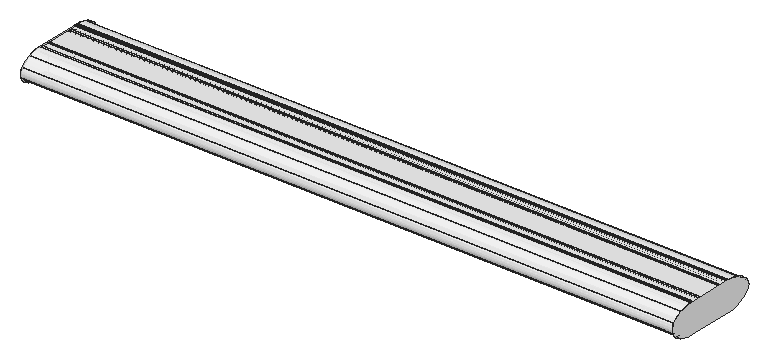
Revit family "ALRA", category Lighting Fixtures, host Ceiling, Revit 2019
Family settings
  Host = Ceiling
  Round Connector Dimension = Use Diameter
  Part Type = Normal
  OmniClass Number = 23.80.70.11.14.11
  OmniClass Title = Downlights
  Always vertical = Yes
  Cut with Voids When Loaded = No
  Light Source = Yes
  Shared = No
  Room Calculation Point = No
Parameters (values of type "ALRA96-LED840K120LUNV")
  Width = 0' - 6 1/2"
  Wattage = 94 W
  built-in parameter 1150110 = 1 (stored number, unit not read)
  Voltage = 120 V
  URL = "https://www.viscor.com/en/products/alra"
  built-in parameter 1114217 = 0.9 (stored number, unit not read)
  Tilt Angle = 180.00°
  built-in parameter 1150109 = 1 (stored number, unit not read)
  built-in parameter 1150134 = 12
  built-in parameter 1150113 = 1 (stored number, unit not read)
  Photometric Web File = "ALRA96-LED840K120LUNV.ies"
  Model = "ALRA"  # constant formula
  Manufacturer = "VISIONEERING by VISCOR"  # constant formula
  Lumens = 11750 lm
  built-in parameter 1150115 = 1 (stored number, unit not read)
  built-in parameter 1150105 = 935.04 (stored number, unit not read)
  built-in parameter 1150137 = (empty or 0)
  built-in parameter 1150139 = (empty or 0)
  Lens Finsih = Acrylic - Viscor - Frosted Round
  Length = 3' - 9"
  Lamp Wattage = 94 VA
  built-in parameter 1150112 = 1 (stored number, unit not read)
  built-in parameter 1150114 = 1 (stored number, unit not read)
  Lamp = "LED"  # constant formula
  built-in parameter 1150132 = (empty or 0)
  built-in parameter 1150102 = (empty or 0)
  built-in parameter 1150138 = (empty or 0)
  built-in parameter 1150107 = 4000 (stored number, unit not read)
  built-in parameter 1150106 = 9.3504 (stored number, unit not read)
  Housing Finish = Metal - Viscor - White
  Emit from Line Length = Length  # 3' - 9"
  built-in parameter 1150104 = 11.613 (stored number, unit not read)
  Dimming Lamp Color Temperature Shift = <None>
  Description = "LED ALLURA Linear Pendant Type A"  # constant formula
  Color Filter = 16777215
  built-in parameter 1114218 = 1 (stored number, unit not read)
  built-in parameter 1150133 = 10 (stored number, unit not read)
  Assembly Code = "D5020200"
  Apparent Load = Lamp Wattage  # 94 VA
Types (9): name | Wattage | Photometric Web File | Lumens | built-in parameter 1150105 | Length | Lamp Wattage | built-in parameter 1150106 | Emit from Line Length | built-in parameter 1150104 | Apparent Load
  (no name) | 94 W | "ALRA96-LED840K120LUNV.ies" | 11750 lm | 935.04 (stored number, unit not read) | 3' - 9" | 94 VA | 9.3504 (stored number, unit not read) | 3' - 9" | 11.613 (stored number, unit not read) | 94 VA
  ALRA48-LED840K050LUNV | 38 W | "ALRA48-LED840K050LUNV.ies" | 4750 lm | 377.99 (stored number, unit not read) | 3' - 9" | 38 VA | 3.7799 (stored number, unit not read) | 3' - 9" | 11.613 (stored number, unit not read) | 38 VA
  ALRA96-LED840K080LUNV | 64 W | "ALRA96-LED840K80LUNV.ies" | 7680 lm | 611.15 (stored number, unit not read) | 7' - 5" | 64 VA | 6.1115 (stored number, unit not read) | 7' - 5" | 11.148 (stored number, unit not read) | 64 VA
  ALRA48-LED840K035LUNV | 26 W | "ALRA48-LED840K035LUNV.ies" | 3328 lm | 264.83 (stored number, unit not read) | 3' - 9" | 26 VA | 2.6483 (stored number, unit not read) | 3' - 9" | 11.892 (stored number, unit not read) | 26 VA
  ALRA48-LED840K040LUNV | 30 W | "ALRA48-LED840K040LUNV.ies" | 3810 lm | 303.19 (stored number, unit not read) | 3' - 9" | 30 VA | 3.0319 (stored number, unit not read) | 3' - 9" | 11.799 (stored number, unit not read) | 30 VA
  ALRA96-LED840K070LUNV | 50 W | "ALRA96-LED840K070LUNV.ies" | 6650 lm | 529.19 (stored number, unit not read) | 3' - 9" | 50 VA | 5.2919 (stored number, unit not read) | 3' - 9" | 12.356 (stored number, unit not read) | 50 VA
  ALRA96-LED840K100LUNV | 76 W | "ALRA96-LED840K100LUNV.ies" | 9576 lm | 762.03 (stored number, unit not read) | 3' - 9" | 76 VA | 7.6203 (stored number, unit not read) | 3' - 9" | 11.706 (stored number, unit not read) | 76 VA
  ALRA96-LED840K120LUNV | 94 W | "ALRA96-LED840K120LUNV.ies" | 11750 lm | 935.04 (stored number, unit not read) | 3' - 9" | 94 VA | 9.3504 (stored number, unit not read) | 3' - 9" | 11.613 (stored number, unit not read) | 94 VA
  ALRA48-LED840K060LUNV | 47 W | "ALRA48-LED840K060LUNV.ies" | 5875 lm | 467.52 (stored number, unit not read) | 3' - 9" | 47 VA | 4.6752 (stored number, unit not read) | 3' - 9" | 11.613 (stored number, unit not read) | 47 VA
Reference planes (in)
  plane 1 "Light Source Axis (F/B)": y = 0
  plane 2 "Ceiling": z = 96
  plane 3 "Light Source Axis (L/R)": x = 0
  plane 4 "Light Source Elevation": z = 67.75
  plane 5: x = -22.5
  plane 6: x = 22.5
  plane 7: y = 3.25
  plane 8: y = -3.25
  plane 9: x = -22.46875
  plane 10: x = 22.46875
  plane 11 "LensBottom": z = 94
Forms (in)
  Extrusion 1, solid, material "Metal - Viscor - White" <- "Housing Finish"
    sketch origin (0, 0, 0) x (0, 1, 0) y (0, 0, 1)
      loop
        arc (2.25, 69.78425) -> (1.88666, 69.85223) -> (1.51772, 69.875) r 3
        line (1.51772, 69.875) -> (-1.51772, 69.875)
        arc (-1.51772, 69.875) -> (-1.88666, 69.85223) -> (-2.25, 69.78425) r 3
        arc (-2.25, 69.78425) -> (-2.67606, 69.617) -> (-3.04617, 69.34769) r 1.8
        arc (-3.04617, 69.34769) -> (-3.25, 68.875) -> (-3.04617, 68.40231) r 0.65
        arc (-3.04617, 68.40231) -> (-2.67606, 68.133) -> (-2.25, 67.96575) r 1.8
        arc (-2.25, 67.96575) -> (-1.88666, 67.89777) -> (-1.51772, 67.875) r 3
        line (-1.51772, 67.875) -> (1.51772, 67.875)
        arc (1.51772, 67.875) -> (1.88666, 67.89777) -> (2.25, 67.96575) r 3
        arc (2.25, 67.96575) -> (2.67606, 68.133) -> (3.04617, 68.40231) r 1.8
        arc (3.04617, 68.40231) -> (3.25, 68.875) -> (3.04617, 69.34769) r 0.65
        arc (3.04617, 69.34769) -> (2.67606, 69.617) -> (2.25, 69.78425) r 1.8
    from -22.5 to -22.46875
  Extrusion 2, solid, material "Metal - Viscor - White" <- "Housing Finish"
    sketch origin (0, 0, 0) x (0, 1, 0) y (0, 0, -1)
      loop
        arc (2.25, -69.78425) -> (2.67606, -69.617) -> (3.04617, -69.34769) r 1.8
        arc (3.04617, -69.34769) -> (3.25, -68.875) -> (3.04617, -68.40231) r 0.65
        arc (3.04617, -68.40231) -> (2.67606, -68.133) -> (2.25, -67.96575) r 1.8
        arc (2.25, -67.96575) -> (1.88666, -67.89777) -> (1.51772, -67.875) r 3
        line (1.51772, -67.875) -> (-1.51772, -67.875)
        arc (-1.51772, -67.875) -> (-1.88666, -67.89777) -> (-2.25, -67.96575) r 3
        arc (-2.25, -67.96575) -> (-2.67606, -68.133) -> (-3.04617, -68.40231) r 1.8
        arc (-3.04617, -68.40231) -> (-3.25, -68.875) -> (-3.04617, -69.34769) r 0.65
        arc (-3.04617, -69.34769) -> (-2.67606, -69.617) -> (-2.25, -69.78425) r 1.8
        arc (-2.25, -69.78425) -> (-1.88666, -69.85223) -> (-1.51772, -69.875) r 3
        line (-1.51772, -69.875) -> (1.51772, -69.875)
        arc (1.51772, -69.875) -> (1.88666, -69.85223) -> (2.25, -69.78425) r 3
    from -22.5 to -22.46875
  Extrusion 3, solid, material "Metal - Viscor - White" <- "Housing Finish"
    sketch origin (0, 0, 0) x (0, 1, 0) y (0, 0, 1)
      loop
        line (1.5, 69.529) -> (1.5, 69.772)
        arc (1.5, 69.772) -> (1.47979, 69.82079) -> (1.431, 69.841) r 0.069
        line (1.431, 69.841) -> (0.944, 69.841)
        arc (0.944, 69.841) -> (0.89521, 69.82079) -> (0.875, 69.772) r 0.069
        line (0.875, 69.772) -> (0.875, 67.98)
        arc (0.875, 67.98) -> (0.86358, 67.95242) -> (0.836, 67.941) r 0.039
        line (0.836, 67.941) -> (-0.836, 67.941)
        arc (-0.836, 67.941) -> (-0.86358, 67.95242) -> (-0.875, 67.98) r 0.039
        line (-0.875, 67.98) -> (-0.875, 69.772)
        arc (-0.875, 69.772) -> (-0.89521, 69.82079) -> (-0.944, 69.841) r 0.069
        line (-0.944, 69.841) -> (-1.431, 69.841)
        arc (-1.431, 69.841) -> (-1.47979, 69.82079) -> (-1.5, 69.772) r 0.069
        line (-1.5, 69.772) -> (-1.5, 69.529) -> (-1.46875, 69.529) -> (-1.46875, 69.772)
        arc (-1.46875, 69.772) -> (-1.45769, 69.79869) -> (-1.431, 69.80975) r 0.03775
        line (-1.431, 69.80975) -> (-0.944, 69.80975)
        arc (-0.944, 69.80975) -> (-0.91731, 69.79869) -> (-0.90625, 69.772) r 0.03775
        line (-0.90625, 69.772) -> (-0.90625, 67.98)
        arc (-0.90625, 67.98) -> (-0.88567, 67.93033) -> (-0.836, 67.90975) r 0.07025
        line (-0.836, 67.90975) -> (0.836, 67.90975)
        arc (0.836, 67.90975) -> (0.88567, 67.93033) -> (0.90625, 67.98) r 0.07025
        line (0.90625, 67.98) -> (0.90625, 69.772)
        arc (0.90625, 69.772) -> (0.91731, 69.79869) -> (0.944, 69.80975) r 0.03775
        line (0.944, 69.80975) -> (1.431, 69.80975)
        arc (1.431, 69.80975) -> (1.45769, 69.79869) -> (1.46875, 69.772) r 0.03775
        line (1.46875, 69.772) -> (1.46875, 69.529) -> (1.5, 69.529)
    from -22.46875 to 22.46875
  Extrusion 4, solid, material "Metal - Viscor - White" <- "Housing Finish"
    sketch origin (0, 0, 0) x (0, 1, 0) y (0, 0, 1)
      loop
        line (0.83875, 69.84931) -> (-0.83875, 69.84931)
        arc (-0.83875, 69.84931) -> (-0.86085, 69.84016) -> (-0.87, 69.81806) r 0.03125
        line (-0.87, 69.81806) -> (-0.87, 69.39389) -> (-0.834, 69.39389) -> (-0.834, 69.78506)
        arc (-0.834, 69.78506) -> (-0.82485, 69.80716) -> (-0.80275, 69.81631) r 0.03125
        line (-0.80275, 69.81631) -> (0.80275, 69.81631)
        arc (0.80275, 69.81631) -> (0.82485, 69.80716) -> (0.834, 69.78506) r 0.03125
        line (0.834, 69.78506) -> (0.834, 69.39389) -> (0.87, 69.39389) -> (0.87, 69.81806)
        arc (0.87, 69.81806) -> (0.86085, 69.84016) -> (0.83875, 69.84931) r 0.03125
    from -22.46875 to 22.46875
  Extrusion 5, solid, material "Acrylic - Viscor - Frosted Round" <- "Lens Finsih"
    sketch origin (0, 0, 0) x (0, 1, 0) y (0, 0, 1)
      loop
        line (1.5, 69.824) -> (1.5, 69.564) -> (1.44, 69.564) -> (1.41338, 69.60202)
        arc (1.41338, 69.60202) -> (1.38657, 69.62553) -> (1.35194, 69.634) r 0.075
        line (1.35194, 69.634) -> (1.27269, 69.634)
        arc (1.27269, 69.634) -> (1.25678, 69.64358) -> (1.2578, 69.66212) r 0.018
        arc (1.2578, 69.66212) -> (1.24473, 69.70661) -> (1.20364, 69.68514) r 0.03
        line (1.20364, 69.68514) -> (1.18542, 69.5981)
        arc (1.18542, 69.5981) -> (1.18948, 69.58139) -> (1.205, 69.574) r 0.02
        line (1.205, 69.574) -> (1.35975, 69.574) -> (1.40877, 69.504) -> (1.545, 69.504)
        arc (1.545, 69.504) -> (1.56621, 69.51279) -> (1.575, 69.534) r 0.03
        line (1.575, 69.534) -> (1.575, 69.78835)
        arc (1.575, 69.78835) -> (2.01533, 69.74901) -> (2.43508, 69.61025) r 1.925
        arc (2.43508, 69.61025) -> (2.75426, 69.41291) -> (3.01769, 69.14566) r 1.575
        arc (3.01769, 69.14566) -> (3.115, 68.861) -> (3.01769, 68.57634) r 0.465
        arc (3.01769, 68.57634) -> (2.75426, 68.30909) -> (2.43508, 68.11175) r 1.575
        arc (2.43508, 68.11175) -> (2.01533, 67.97299) -> (1.575, 67.93365) r 1.925
        line (1.575, 67.93365) -> (1.575, 68.188)
        arc (1.575, 68.188) -> (1.56621, 68.20921) -> (1.545, 68.218) r 0.03
        line (1.545, 68.218) -> (1.40877, 68.218) -> (1.35975, 68.148) -> (1.205, 68.148)
        arc (1.205, 68.148) -> (1.18948, 68.14061) -> (1.18542, 68.1239) r 0.02
        line (1.18542, 68.1239) -> (1.20364, 68.03686)
        arc (1.20364, 68.03686) -> (1.24473, 68.01539) -> (1.2578, 68.05987) r 0.03
        arc (1.2578, 68.05987) -> (1.25678, 68.07842) -> (1.27269, 68.088) r 0.018
        line (1.27269, 68.088) -> (1.35194, 68.088)
        arc (1.35194, 68.088) -> (1.38657, 68.09647) -> (1.41338, 68.11998) r 0.075
        line (1.41338, 68.11998) -> (1.44, 68.158) -> (1.5, 68.158) -> (1.5, 67.898)
        arc (1.5, 67.898) -> (1.51172, 67.86972) -> (1.54, 67.858) r 0.04
        line (1.54, 67.858) -> (1.625, 67.858)
        arc (1.625, 67.858) -> (2.05594, 67.90498) -> (2.46664, 68.04371) r 2
        arc (2.46664, 68.04371) -> (2.80102, 68.25045) -> (3.077, 68.53043) r 1.65
        arc (3.077, 68.53043) -> (3.19, 68.861) -> (3.077, 69.19157) r 0.54
        arc (3.077, 69.19157) -> (2.80102, 69.47154) -> (2.46664, 69.67829) r 1.65
        arc (2.46664, 69.67829) -> (2.05594, 69.81702) -> (1.625, 69.864) r 2
        line (1.625, 69.864) -> (1.54, 69.864)
        arc (1.54, 69.864) -> (1.51172, 69.85228) -> (1.5, 69.824) r 0.04
    from -22.46875 to 22.46875
  Extrusion 6, solid, material "Acrylic - Viscor - Frosted Round" <- "Lens Finsih"
    sketch origin (0, 0, 0) x (0, -1, 0) y (0, 0, -1)
      loop
        arc (1.5, -69.824) -> (1.51172, -69.85228) -> (1.54, -69.864) r 0.04
        line (1.54, -69.864) -> (1.625, -69.864)
        arc (1.625, -69.864) -> (2.05594, -69.81702) -> (2.46664, -69.67829) r 2
        arc (2.46664, -69.67829) -> (2.80102, -69.47154) -> (3.077, -69.19157) r 1.65
        arc (3.077, -69.19157) -> (3.19, -68.861) -> (3.077, -68.53043) r 0.54
        arc (3.077, -68.53043) -> (2.80102, -68.25045) -> (2.46664, -68.04371) r 1.65
        arc (2.46664, -68.04371) -> (2.05594, -67.90498) -> (1.625, -67.858) r 2
        line (1.625, -67.858) -> (1.54, -67.858)
        arc (1.54, -67.858) -> (1.51172, -67.86972) -> (1.5, -67.898) r 0.04
        line (1.5, -67.898) -> (1.5, -68.158) -> (1.44, -68.158) -> (1.41338, -68.11998)
        arc (1.41338, -68.11998) -> (1.38657, -68.09647) -> (1.35194, -68.088) r 0.075
        line (1.35194, -68.088) -> (1.27269, -68.088)
        arc (1.27269, -68.088) -> (1.25678, -68.07842) -> (1.2578, -68.05987) r 0.018
        arc (1.2578, -68.05987) -> (1.24473, -68.01539) -> (1.20364, -68.03686) r 0.03
        line (1.20364, -68.03686) -> (1.18542, -68.1239)
        arc (1.18542, -68.1239) -> (1.18948, -68.14061) -> (1.205, -68.148) r 0.02
        line (1.205, -68.148) -> (1.35975, -68.148) -> (1.40877, -68.218) -> (1.545, -68.218)
        arc (1.545, -68.218) -> (1.56621, -68.20921) -> (1.575, -68.188) r 0.03
        line (1.575, -68.188) -> (1.575, -67.93365)
        arc (1.575, -67.93365) -> (2.01533, -67.97299) -> (2.43508, -68.11175) r 1.925
        arc (2.43508, -68.11175) -> (2.75426, -68.30909) -> (3.01769, -68.57634) r 1.575
        arc (3.01769, -68.57634) -> (3.115, -68.861) -> (3.01769, -69.14566) r 0.465
        arc (3.01769, -69.14566) -> (2.75426, -69.41291) -> (2.43508, -69.61025) r 1.575
        arc (2.43508, -69.61025) -> (2.01533, -69.74901) -> (1.575, -69.78835) r 1.925
        line (1.575, -69.78835) -> (1.575, -69.534)
        arc (1.575, -69.534) -> (1.56621, -69.51279) -> (1.545, -69.504) r 0.03
        line (1.545, -69.504) -> (1.40877, -69.504) -> (1.35975, -69.574) -> (1.205, -69.574)
        arc (1.205, -69.574) -> (1.18948, -69.58139) -> (1.18542, -69.5981) r 0.02
        line (1.18542, -69.5981) -> (1.20364, -69.68514)
        arc (1.20364, -69.68514) -> (1.24473, -69.70661) -> (1.2578, -69.66212) r 0.03
        arc (1.2578, -69.66212) -> (1.25678, -69.64358) -> (1.27269, -69.634) r 0.018
        line (1.27269, -69.634) -> (1.35194, -69.634)
        arc (1.35194, -69.634) -> (1.38657, -69.62553) -> (1.41338, -69.60202) r 0.075
        line (1.41338, -69.60202) -> (1.44, -69.564) -> (1.5, -69.564) -> (1.5, -69.824)
    from -22.46875 to 22.46875
Dimensions and locks (in)
  equal spacing: host sketch curve, plane 3 "Light Source Axis (L/R)", host sketch curve
  equal spacing: host sketch curve, plane 1 "Light Source Axis (F/B)", host sketch curve
  host sketch curve to host sketch curve = 10' - 0"  (x2)
  equal spacing: plane 5, plane 3 "Light Source Axis (L/R)", plane 6
  "Length": plane 5 to plane 6
  equal spacing: plane 7, plane 1 "Light Source Axis (F/B)", plane 8
  "Width": plane 7 to plane 8
  plane 5 to plane 3 "Light Source Axis (L/R)" = 1' - 10 1/2"
  plane 7 to plane 1 "Light Source Axis (F/B)" = 0' - 3 1/4"
  plane 6 to plane 3 "Light Source Axis (L/R)" = 1' - 10 1/2"
  locked: plane 9 to plane 5 at 0.03125
  locked: plane 10 to plane 6 at 0.03125
  aligned and locked: plane 3 "Light Source Axis (L/R)" to imposter light
  aligned and locked: plane 1 "Light Source Axis (F/B)" to imposter light
  aligned and locked: plane 4 "Light Source Elevation" to imposter light
  aligned and locked: Extrusion 1 to plane 5
  aligned and locked: plane 9 to Extrusion 1
  aligned and locked: plane 6 to Extrusion 2
  aligned and locked: Extrusion 2 to plane 10
  aligned and locked: Extrusion 3 to plane 9
  aligned and locked: plane 10 to Extrusion 3
  aligned and locked: Extrusion 4 to plane 9
  aligned and locked: plane 10 to Extrusion 4
  aligned and locked: Extrusion 5 to plane 9
  aligned and locked: plane 10 to Extrusion 5
  aligned and locked: Extrusion 6 to plane 9
  aligned and locked: plane 10 to Extrusion 6
Automatic sketch dimensions
  plane 8 to Extrusion 1 sketch curve = 0' - 0.65"
  Extrusion 1 sketch curve to Extrusion 1 sketch curve = 0' - 0.78937"  (x2)
  Extrusion 1 sketch curve to plane 4 "Light Source Elevation" = 0' - 0.2887"  (x2)
  Extrusion 1 sketch curve to Extrusion 1 sketch curve = 0' - 0.29291"  (x3)
  Extrusion 1 sketch curve to Extrusion 1 sketch curve = 0' - 0"  (x7)
  plane 4 "Light Source Elevation" to Extrusion 1 sketch curve = 0' - 0 7/8"  (x2)
  Extrusion 1 sketch curve to plane 1 "Light Source Axis (F/B)" = 0' - 1.51772"
  Extrusion 1 sketch curve to plane 4 "Light Source Elevation" = 0' - 0 1/8"
  Extrusion 1 sketch curve to plane 7 = 0' - 0.65"
  Extrusion 1 sketch curve to plane 4 "Light Source Elevation" = 0' - 1 1/8"  (x2)
  Extrusion 1 sketch curve to Extrusion 1 sketch curve = 0' - 0.8363"  (x2)
  Extrusion 1 sketch curve to Extrusion 1 sketch curve = 0' - 0.1637"
  Extrusion 1 sketch curve to Extrusion 1 sketch curve = 0' - 1"  (x2)
  plane 8 to Extrusion 1 sketch curve = 0' - 0.20383"
  plane 8 to Extrusion 2 sketch curve = 0' - 0.65"
  Extrusion 2 sketch curve to Extrusion 2 sketch curve = 0' - 0.78937"  (x2)
  Extrusion 2 sketch curve to plane 4 "Light Source Elevation" = 0' - 0.2887"  (x2)
  Extrusion 2 sketch curve to Extrusion 2 sketch curve = 0' - 0.29291"  (x3)
  Extrusion 2 sketch curve to Extrusion 2 sketch curve = 0' - 0"  (x7)
  plane 4 "Light Source Elevation" to Extrusion 2 sketch curve = 0' - 0 7/8"  (x2)
  Extrusion 2 sketch curve to plane 1 "Light Source Axis (F/B)" = 0' - 1.51772"
  Extrusion 2 sketch curve to plane 4 "Light Source Elevation" = 0' - 0 1/8"
  Extrusion 2 sketch curve to plane 7 = 0' - 0.65"
  Extrusion 2 sketch curve to plane 4 "Light Source Elevation" = 0' - 1 1/8"  (x2)
  Extrusion 2 sketch curve to Extrusion 2 sketch curve = 0' - 0.8363"  (x2)
  Extrusion 2 sketch curve to Extrusion 2 sketch curve = 0' - 0.1637"
  Extrusion 2 sketch curve to Extrusion 2 sketch curve = 0' - 1"  (x2)
  plane 8 to Extrusion 2 sketch curve = 0' - 0.20383"
  Extrusion 3 sketch curve to Extrusion 3 sketch curve = 0' - 0"  (x12)
  plane 1 "Light Source Axis (F/B)" to Extrusion 3 sketch curve = 0' - 1 1/2"
  Extrusion 3 sketch curve to Extrusion 3 sketch curve = 0' - 0 1/32"
  Extrusion 3 sketch curve to Extrusion 3 sketch curve = 0' - 0.03775"  (x3)
  Extrusion 3 sketch curve to Extrusion 3 sketch curve = 0' - 0.487"  (x2)
  Extrusion 3 sketch curve to plane 4 "Light Source Elevation" = 0' - 0.23"  (x2)
  plane 1 "Light Source Axis (F/B)" to Extrusion 3 sketch curve = 0' - 0 29/32"
  Extrusion 3 sketch curve to Extrusion 3 sketch curve = 0' - 0.039"
  Extrusion 3 sketch curve to plane 1 "Light Source Axis (F/B)" = 0' - 0.836"
  Extrusion 3 sketch curve to Extrusion 3 sketch curve = 0' - 1.549"  (x2)
  Extrusion 3 sketch curve to Extrusion 3 sketch curve = 0' - 0.243"  (x2)
  plane 1 "Light Source Axis (F/B)" to Extrusion 4 sketch curve = 0' - 0.87"
  Extrusion 4 sketch curve to Extrusion 4 sketch curve = 0' - 0 1/32"  (x3)
  Extrusion 4 sketch curve to Extrusion 4 sketch curve = 0' - 0.00475"
  Extrusion 4 sketch curve to Extrusion 4 sketch curve = 0' - 0.036"  (x2)
  Extrusion 4 sketch curve to plane 1 "Light Source Axis (F/B)" = 0' - 0.80275"
  Extrusion 4 sketch curve to plane 4 "Light Source Elevation" = 0' - 1.64389"  (x2)
  Extrusion 4 sketch curve to Extrusion 4 sketch curve = 0' - 0.39117"
  Extrusion 4 sketch curve to Extrusion 4 sketch curve = 0' - 0.033"
  Extrusion 5 sketch curve to Extrusion 5 sketch curve = 0' - 0"  (x17)
  Extrusion 5 sketch curve to plane 4 "Light Source Elevation" = 0' - 0.3739"
  Extrusion 5 sketch curve to plane 1 "Light Source Axis (F/B)" = 0' - 1.18542"  (x2)
  Extrusion 5 sketch curve to plane 4 "Light Source Elevation" = 0' - 0.28686"
  Extrusion 5 sketch curve to Extrusion 5 sketch curve = 0' - 0.01821"  (x2)
  Extrusion 5 sketch curve to Extrusion 5 sketch curve = 0' - 0.01958"  (x2)
  Extrusion 5 sketch curve to Extrusion 5 sketch curve = 0' - 0.02936"  (x2)
  Extrusion 5 sketch curve to Extrusion 5 sketch curve = 0' - 0.03969"  (x2)
  Extrusion 5 sketch curve to Extrusion 5 sketch curve = 0' - 0.07926"  (x2)
  Extrusion 5 sketch curve to Extrusion 5 sketch curve = 0' - 0 1/128"  (x2)
  Extrusion 5 sketch curve to Extrusion 5 sketch curve = 0' - 0.05682"  (x2)
  Extrusion 5 sketch curve to plane 4 "Light Source Elevation" = 0' - 0.36998"
  Extrusion 5 sketch curve to Extrusion 5 sketch curve = 0' - 0.05363"  (x2)
  Extrusion 5 sketch curve to Extrusion 5 sketch curve = 0' - 0.02662"  (x2)
  Extrusion 5 sketch curve to Extrusion 5 sketch curve = 0' - 0.06"  (x3)
  Extrusion 5 sketch curve to Extrusion 5 sketch curve = 0' - 0.04"  (x2)
  Extrusion 5 sketch curve to Extrusion 5 sketch curve = 0' - 0.045"  (x2)
  Extrusion 5 sketch curve to Extrusion 5 sketch curve = 0' - 0.03"  (x2)
  Extrusion 5 sketch curve to Extrusion 5 sketch curve = 0' - 0.035"
  Extrusion 5 sketch curve to Extrusion 5 sketch curve = 0' - 0.085"
  Extrusion 5 sketch curve to Extrusion 5 sketch curve = 0' - 0.19729"  (x2)
  Extrusion 5 sketch curve to plane 7 = 0' - 0.6"
  Extrusion 5 sketch curve to plane 4 "Light Source Elevation" = 0' - 0.18365"
  Extrusion 5 sketch curve to Extrusion 5 sketch curve = 0' - 0.03565"  (x2)
  Extrusion 5 sketch curve to Extrusion 5 sketch curve = 0' - 0.006"  (x2)
  Extrusion 5 sketch curve to Extrusion 5 sketch curve = 0' - 0.00614"  (x2)
  Extrusion 5 sketch curve to Extrusion 5 sketch curve = 0' - 0.027"  (x2)
  Extrusion 5 sketch curve to Extrusion 5 sketch curve = 0' - 0.03198"
  Extrusion 5 sketch curve to Extrusion 5 sketch curve = 0' - 0.0041"
  Extrusion 5 sketch curve to Extrusion 5 sketch curve = 0' - 0.03802"  (x2)
  Extrusion 5 sketch curve to Extrusion 5 sketch curve = 0' - 0.0235"
  Extrusion 5 sketch curve to Extrusion 5 sketch curve = 0' - 0.6795"
  Extrusion 5 sketch curve to Extrusion 5 sketch curve = 0' - 1.286"
  Extrusion 5 sketch curve to Extrusion 5 sketch curve = 0' - 0.0065"
  Extrusion 5 sketch curve to Extrusion 5 sketch curve = 0' - 0.055"
  Extrusion 5 sketch curve to Extrusion 5 sketch curve = 0' - 0.015"
  Extrusion 5 sketch curve to Extrusion 5 sketch curve = 0' - 0.02"
  Extrusion 5 sketch curve to Extrusion 5 sketch curve = 0' - 0.018"
  Extrusion 5 sketch curve to Extrusion 5 sketch curve = 0' - 0.22435"
  Extrusion 6 sketch curve to Extrusion 6 sketch curve = 0' - 0"  (x17)
  plane 4 "Light Source Elevation" to Extrusion 6 sketch curve = 0' - 0.3739"
  Extrusion 6 sketch curve to plane 1 "Light Source Axis (F/B)" = 0' - 1.18542"  (x2)
  plane 4 "Light Source Elevation" to Extrusion 6 sketch curve = 0' - 0.28686"
  Extrusion 6 sketch curve to Extrusion 6 sketch curve = 0' - 0.01821"  (x2)
  Extrusion 6 sketch curve to Extrusion 6 sketch curve = 0' - 0.01958"  (x2)
  Extrusion 6 sketch curve to Extrusion 6 sketch curve = 0' - 0.02936"  (x2)
  Extrusion 6 sketch curve to Extrusion 6 sketch curve = 0' - 0.03969"  (x2)
  Extrusion 6 sketch curve to Extrusion 6 sketch curve = 0' - 0.07926"  (x2)
  Extrusion 6 sketch curve to Extrusion 6 sketch curve = 0' - 0 1/128"  (x2)
  Extrusion 6 sketch curve to Extrusion 6 sketch curve = 0' - 0.05682"  (x2)
  plane 4 "Light Source Elevation" to Extrusion 6 sketch curve = 0' - 0.36998"
  Extrusion 6 sketch curve to Extrusion 6 sketch curve = 0' - 0.05363"  (x2)
  Extrusion 6 sketch curve to Extrusion 6 sketch curve = 0' - 0.02662"  (x2)
  Extrusion 6 sketch curve to Extrusion 6 sketch curve = 0' - 0.06"  (x3)
  Extrusion 6 sketch curve to Extrusion 6 sketch curve = 0' - 0.04"  (x2)
  Extrusion 6 sketch curve to Extrusion 6 sketch curve = 0' - 0.045"  (x2)
  Extrusion 6 sketch curve to Extrusion 6 sketch curve = 0' - 0.03"  (x2)
  Extrusion 6 sketch curve to Extrusion 6 sketch curve = 0' - 0.035"
  Extrusion 6 sketch curve to Extrusion 6 sketch curve = 0' - 0.085"
  Extrusion 6 sketch curve to Extrusion 6 sketch curve = 0' - 0.19729"  (x2)
  Extrusion 6 sketch curve to plane 8 = 0' - 0.6"
  plane 4 "Light Source Elevation" to Extrusion 6 sketch curve = 0' - 0.18365"
  Extrusion 6 sketch curve to Extrusion 6 sketch curve = 0' - 0.03565"  (x2)
  Extrusion 6 sketch curve to Extrusion 6 sketch curve = 0' - 0.006"  (x2)
  Extrusion 6 sketch curve to Extrusion 6 sketch curve = 0' - 0.00614"  (x2)
  Extrusion 6 sketch curve to Extrusion 6 sketch curve = 0' - 0.027"  (x2)
  Extrusion 6 sketch curve to Extrusion 6 sketch curve = 0' - 0.03198"
  Extrusion 6 sketch curve to Extrusion 6 sketch curve = 0' - 0.0041"
  Extrusion 6 sketch curve to Extrusion 6 sketch curve = 0' - 0.03802"  (x2)
  Extrusion 6 sketch curve to Extrusion 6 sketch curve = 0' - 0.0235"
  Extrusion 6 sketch curve to Extrusion 6 sketch curve = 0' - 0.6795"
  Extrusion 6 sketch curve to Extrusion 6 sketch curve = 0' - 1.286"
  Extrusion 6 sketch curve to Extrusion 6 sketch curve = 0' - 0.0065"
  Extrusion 6 sketch curve to Extrusion 6 sketch curve = 0' - 0.055"
  Extrusion 6 sketch curve to Extrusion 6 sketch curve = 0' - 0.015"
  Extrusion 6 sketch curve to Extrusion 6 sketch curve = 0' - 0.02"
  Extrusion 6 sketch curve to Extrusion 6 sketch curve = 0' - 0.018"
  Extrusion 6 sketch curve to Extrusion 6 sketch curve = 0' - 0.22435"
Connectors (in)
  electrical at (0, 0, 67.75), driven by "Voltage", driven by "Lamp Wattage"
    settings: index 1, voltage 120 V, apparent load 0 VA, apparent load phase1 94 VA, apparent load phase2 0 VA, apparent load phase3 0 VA, power factor 1, load classification "Other", number of poles 1, system type 31, power factor state 1, is connector primary yes, connector utility no, sub classification motor no, connector description ""
